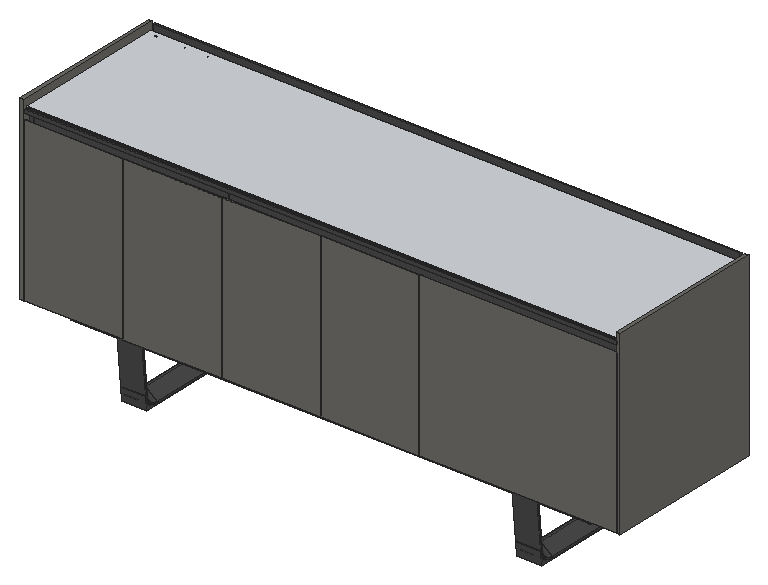
Revit family "Storage-Teknion-CW3Y_C+D_Three_Storage_Credenza_36_Height_Elevated_Base-R2020", category Furniture, Revit 2020
Family settings
  OmniClass Number = 23.40.20.00
  OmniClass Title = General Furniture and Specialties
  Work Plane-Based = No
  Always vertical = Yes
  Cut with Voids When Loaded = No
  Shared = Yes
  Room Calculation Point = No
Parameters (values of type "24D x 90W")
  Width = 90.000"
  Warranty = "http://www.teknion.com/ca/papers/legal-canada"
  Top Finish [instance] = none
  Storage Option [instance] = "Please select one Storage Option. (CCC) All Close Storage is default."  # constant formula
  Right Waste [instance] = or([(ACW) Left A/V, Center Closed Storage, Right Wasted], [(VCW) Left A/V with Upper Drawer, Center Closed Storage, Right Wasted], [(CCW) Left Closed Storage,Center Closed, Right Waste], [(ADW) Left A/V, Center Drawers, Right Waste], [(DDW) Left Drawers, Center Drawers, Right Waste])  # yes
  Right V&A Cut out [instance] = if(or([(WDA) Left Wasted, Center Drawers, Right A/V], [(WCA) Left Waste, Center Closed, Right A/V], [(WCV) Left Waste, Center Closed, Right A/V with Upper Drawer]), 15.000", 8.000")  # 8.000"
  Unit Weight URL = "http://www.teknion.com/ca/tools/assets#&asset=bee6a381-b954-425e-8283-5a2de3a804f2,f828d448-4b62-4231-9e5f-9a8991c0ed77"
  URL = "www.teknion.com"
  To render please download texture images found here [instance] = "https://assets.teknion.com/web/5e81352c1dfdb467/revit-material-swatches/"
  Sustainability Data = "https://www.teknion.com/ca/tools/assets#&topic=216f99a5-57a0-44fc-b10a-9dee9b29ae4c&asset=444deb64-fe58-4b68-981e-f75e97781df7,b4ff2d81-9f2e-437d-9659-7cffb09c31cf"
  Series = "C+D Conference Table"  # constant formula
  Right V&A 2D Lines [instance] = or([(WDA) Left Wasted, Center Drawers, Right A/V], [(WCA) Left Waste, Center Closed, Right A/V], [(WCV) Left Waste, Center Closed, Right A/V with Upper Drawer])  # no
  Right Drawers [instance] = or([(DDD) All Drawers], [(WDD) Left Waste , Center & Right Drawers])  # no
  Right Double Door [instance] = or([(WCV) Left Waste, Center Closed, Right A/V with Upper Drawer], [(WCA) Left Waste, Center Closed, Right A/V], [(WDA) Left Wasted, Center Drawers, Right A/V], [(WCC)  Left Waste , Center & Right Closed Storage], [(CCC) All Close Storage])  # no
  Middle Right Node [instance] = or(Right Drawers, [(WCV) Left Waste, Center Closed, Right A/V with Upper Drawer])  # no
  Middle Left Node [instance] = Center Drawers  # no
  Left Waste [instance] = or([(WDA) Left Wasted, Center Drawers, Right A/V], [(WCV) Left Waste, Center Closed, Right A/V with Upper Drawer], [(WCA) Left Waste, Center Closed, Right A/V], [(WCC)  Left Waste , Center & Right Closed Storage], [(WDD) Left Waste , Center & Right Drawers])  # no
  Left V&A Cut Out [instance] = if(or([(ACW) Left A/V, Center Closed Storage, Right Wasted], [(VCW) Left A/V with Upper Drawer, Center Closed Storage, Right Wasted], [(ADW) Left A/V, Center Drawers, Right Waste]), 15.000", 8.000")  # 8.000"
  Left V&A 2D Lines [instance] = or([(ACW) Left A/V, Center Closed Storage, Right Wasted], [(VCW) Left A/V with Upper Drawer, Center Closed Storage, Right Wasted], [(ADW) Left A/V, Center Drawers, Right Waste])  # no
  Left Drawers [instance] = or([(DDW) Left Drawers, Center Drawers, Right Waste], [(DDD) All Drawers])  # no
  Left Double Door [instance] = or([(ADW) Left A/V, Center Drawers, Right Waste], [(VCW) Left A/V with Upper Drawer, Center Closed Storage, Right Wasted], [(ACW) Left A/V, Center Closed Storage, Right Wasted], [(CCW) Left Closed Storage,Center Closed, Right Waste], [(CCC) All Close Storage])  # yes
  Door L/R Size = 14.750"
  Door C Size = 14.750"
  Description = "C+D Three Storage Credenza, 36\" Height, Elevated Based, 24\" Depth, 90\" Width"
  Center Drawers [instance] = or([(WDA) Left Wasted, Center Drawers, Right A/V], [(WDD) Left Waste , Center & Right Drawers], [(DDW) Left Drawers, Center Drawers, Right Waste], [(ADW) Left A/V, Center Drawers, Right Waste], [(DDD) All Drawers])  # no
  Center Closed Storage [instance] = or([(ACW) Left A/V, Center Closed Storage, Right Wasted], [(VCW) Left A/V with Upper Drawer, Center Closed Storage, Right Wasted], [(WCC)  Left Waste , Center & Right Closed Storage], [(WCA) Left Waste, Center Closed, Right A/V], [(WCV) Left Waste, Center Closed, Right A/V with Upper Drawer], [(CCW) Left Closed Storage,Center Closed, Right Waste], [(CCC) All Close Storage])  # yes
  Case Finish [instance] = Veneer - Teknion - VP - Chia
  24 2D Node = yes
  20 2D Node = no
  (WCV) Left Waste, Center Closed, Right A/V with Upper Drawer [instance] = no
  (WDD) Left Waste , Center & Right Drawers [instance] = no
  (WCA) Left Waste, Center Closed, Right A/V [instance] = no
  (DDW) Left Drawers, Center Drawers, Right Waste [instance] = no
  (CCW) Left Closed Storage,Center Closed, Right Waste [instance] = yes
  Product Page URL = "https://www.teknion.com/ca/products/product-details?productLineId=f681026f-8e7a-673b-a6c8-ff05004460c4"
  Product Line = "C+D Credenzas"  # constant formula
  Product Documentation Link = "https://www.teknion.com/pricing/cd-conference-table/pdfs/Credenzas_ppg.pdf"
  Part Number = "CW3Y"  # constant formula
  Model = "CW3Y_2490"
  Manufacturer Phone = "416-661-3370"  # constant formula
  Manufacturer Fax = "416.661.4586"  # constant formula
  Manufacturer Contact Information = "http://www.teknion.com/ca/contactus"
  Manufacturer Address = "1150 Flint Road, Toronto, ON. M3J 2J5. Canada"  # constant formula
  Manufacturer = "Teknion"  # constant formula
  (WDA) Left Wasted, Center Drawers, Right A/V [instance] = no
  (DDD) All Drawers [instance] = no
  (CCC) All Close Storage [instance] = not(or([(DDD) All Drawers], [(ACW) Left A/V, Center Closed Storage, Right Wasted], [(VCW) Left A/V with Upper Drawer, Center Closed Storage, Right Wasted], [(WDA) Left Wasted, Center Drawers, Right A/V], [(WCC)  Left Waste , Center & Right Closed Storage], [(WDD) Left Waste , Center & Right Drawers], [(WCA) Left Waste, Center Closed, Right A/V], [(WCV) Left Waste, Center Closed, Right A/V with Upper Drawer], [(CCW) Left Closed Storage,Center Closed, Right Waste], [(DDW) Left Drawers, Center Drawers, Right Waste], [(ADW) Left A/V, Center Drawers, Right Waste]))  # no
  (VCW) Left A/V with Upper Drawer, Center Closed Storage, Right Wasted [instance] = no
  How To Use Teknion Materials User Guide [instance] = "https://assets.teknion.com/m/205dd0a49fa58060/original/How-to-add-a-Material-Library-and-Texture-Images-to-your-Revit-project.pdf"
  For Additional Finishes please visit [instance] = "https://assets.teknion.com/m/44a8009b046e5d47/original/Teknion_Materials_Library.zip"
  Depth = 24.000"
  Default Elevation = 0.000"
  Assembly Code = "E2020200"
  (WCC)  Left Waste , Center & Right Closed Storage [instance] = no
  (ADW) Left A/V, Center Drawers, Right Waste [instance] = no
  (ACW) Left A/V, Center Closed Storage, Right Wasted [instance] = no
Reference planes (in)
  plane 1 "Center Front/Back": y = -10
  plane 2: z = 0.00394
  plane 3 "Center Left/Right": x = 30
  plane 4 "Left": x = -15
  plane 5 "Right": x = 75
  plane 6 "Back": y = 2
  plane 7 "Front": y = -22
  plane 8 "Top": z = 37.00787
  plane 9: y = -1.16628
  plane 10: y = -18.83372
  plane 11: x = 0.37927
  plane 12: x = -14.4311
  plane 13: x = 74.4311
  plane 14: x = 59.62073
  plane 15: x = 15.18963
  plane 16: x = 44.81037
  plane 17: y = -19.3643
Forms (in)
  Sweep 1, solid, material "Veneer - Teknion - VP - Chia" <- "Case Finish"
    path origin (0, -10, 0) x (1, 0, 0) y (0, 0, 1)
      loop
        line (30, 37.00787) -> (30, 10.00394)
    profile origin (30, -10, 23.50591) x (0, -1, 0) y (1, 0, 0)
      loop
        line (-12, -45) -> (12, -45) -> (12, -44.46063) -> (-12, -44.46063) -> (-12, -45)
      loop
        line (-12, 45) -> (-12, 44.46063) -> (12, 44.46063) -> (12, 45) -> (-12, 45)
  Sweep 2, solid, material "Veneer - Teknion - VP - Chia" <- "Case Finish"
    path origin (30, 0, 0) x (0, 1, 0) y (0, 0, 1)
      loop
        line (1.21654, 33.95669) -> (1.21654, 10.00394)
    profile origin (30, 1.21654, 21.98031) x (1, 0, 0) y (0, 1, 0)
      loop
        line (-44.46063, 0.72441) -> (-44.46063, 0) -> (44.46063, 0) -> (44.46063, 0.72441) -> (-44.46063, 0.72441)
  Sweep 3, solid, material "Veneer - Teknion - VP - Chia" <- "Case Finish"
    path origin (0, -10, 0) x (1, 0, 0) y (0, 0, 1)
      loop
        line (-14.46063, 11.04331) -> (74.46063, 11.04331)
    profile origin (30, -10, 11.04331) x (0, 0, 1) y (0, -1, 0)
      loop
        line (0, 11.03819) -> (-1.03937, 11.03819) -> (-1.03937, -11.21654) -> (0, -11.21654) -> (0, 11.03819)
  Sweep 4, solid, material "Veneer - Teknion - VP - Chia" <- "Case Finish"
    path origin (0, -10, 0) x (1, 0, 0) y (0, 0, 1)
      loop
        line (30, 11.04331) -> (30, 34.54724)
    profile origin (30, -10, 22.79528) x (-1, 0, 0) y (0, -1, 0)
      loop
        line (44.46063, -11.21654) -> (44.46063, 11.03819) -> (43.73622, 11.03819) -> (43.73622, -11.21654) -> (44.46063, -11.21654)
      loop
        line (15.17257, -11.21654) -> (15.17257, 11.03819) -> (14.44816, 11.03819) -> (14.44816, -11.21654) -> (15.17257, -11.21654)
      loop
        line (-43.73622, 11.03819) -> (-44.46063, 11.03819) -> (-44.46063, -11.21654) -> (-43.73622, -11.21654) -> (-43.73622, 11.03819)
      loop
        line (-14.44816, -11.21654) -> (-14.44816, 11.03819) -> (-15.17257, 11.03819) -> (-15.17257, -11.21654) -> (-14.44816, -11.21654)
  Sweep 5, solid, material "Veneer - Teknion - VP - Chia" <- "Case Finish"
    path origin (0, -10, 0) x (1, 0, 0) y (0, 0, 1)
      loop
        line (74.46063, 35.29528) -> (-14.46063, 35.29528)
    profile origin (30, -10, 35.29528) x (0, 0, -1) y (0, -1, 0)
      loop
        line (0, -11.76378) -> (0.74803, -11.76378) -> (0.74803, 11.03819) -> (0, 11.03819) -> (0, -11.76378)
  Sweep 6, solid, material "Veneer - Teknion - VP - Chia" <- "Case Finish", visible <- "Left Double Door"
    path origin (0, -10, 0) x (1, 0, 0) y (0, 0, 1)
      loop
        line (0.34938, 34.25591) -> (-14.40157, 34.25591)
    profile origin (-7.0261, -10, 34.25591) x (0, 0, -1) y (0, -1, 0)
      loop
        line (0, 11.96063) -> (0, 11.84252) -> (0.6063, 11.23622) -> (24.25197, 11.23622) -> (24.25197, 11.96063) -> (0, 11.96063)
  Sweep 7, solid, material "Veneer - Teknion - VP - Chia" <- "Case Finish", visible <- "Center Closed Storage"
    path origin (14.72047, -10, 0) x (1, 0, 0) y (0, 0, 1)
      loop
        line (15.24939, 34.25591) -> (0.49939, 34.25591)
    profile origin (22.59486, -10, 34.25591) x (0, 0, -1) y (0, -1, 0)
      loop
        line (0, 11.96063) -> (0, 11.84252) -> (0.6063, 11.23622) -> (24.25197, 11.23622) -> (24.25197, 11.96063) -> (0, 11.96063)
  Sweep 8, solid, material "Veneer - Teknion - VP - Chia" <- "Case Finish", visible <- "Center Closed Storage"
    path origin (29.44094, -10, 0) x (1, 0, 0) y (0, 0, 1)
      loop
        line (15.33987, 34.25591) -> (0.58882, 34.25591)
    profile origin (37.40529, -10, 34.25591) x (0, 0, -1) y (0, -1, 0)
      loop
        line (0, 11.96063) -> (0, 11.84252) -> (0.6063, 11.23622) -> (24.25197, 11.23622) -> (24.25197, 11.96063) -> (0, 11.96063)
  Sweep 9, solid, material "Veneer - Teknion - VP - Chia" <- "Case Finish", visible <- "Right Double Door"
    path origin (44.16142, -10, 0) x (1, 0, 0) y (0, 0, 1)
      loop
        line (30.24016, 34.25591) -> (15.48894, 34.25591)
    profile origin (67.02597, -10, 34.25591) x (0, 0, -1) y (0, -1, 0)
      loop
        line (0, 11.96063) -> (0, 11.84252) -> (0.6063, 11.23622) -> (24.25197, 11.23622) -> (24.25197, 11.96063) -> (0, 11.96063)
  Sweep 10, solid, material "Veneer - Teknion - VP - Chia" <- "Case Finish", visible <- "Left Drawers"
    path origin (0, -10, 0) x (1, 0, 0) y (0, 0, 1)
      loop
        line (-14.40157, 19.12992) -> (15.15947, 19.12992)
    profile origin (0.37895, -10, 19.12992) x (0, 0, 1) y (0, -1, 0)
      loop
        line (15.12598, 11.84252) -> (15.12598, 11.96063) -> (3.5, 11.96063) -> (3.5, 11.23622) -> (14.51969, 11.23622) -> (15.12598, 11.84252)
  Sweep 11, solid, material "Veneer - Teknion - VP - Chia" <- "Case Finish", visible <- "Left Drawers"
    path origin (0, -10, 0) x (1, 0, 0) y (0, 0, 1)
      loop
        line (15.15947, 18.12992) -> (-14.40157, 18.12992)
    profile origin (0.37895, -10, 18.12992) x (0, 0, -1) y (0, -1, 0)
      loop
        line (-3.5, 11.96063) -> (-3.5, 11.84252) -> (-2.8937, 11.23622) -> (8.12598, 11.23622) -> (8.12598, 11.96063) -> (-3.5, 11.96063)
  Sweep 12, solid, material "Veneer - Teknion - VP - Chia" <- "Case Finish", visible <- "Right Drawers"
    path origin (29.44094, -10, 0) x (1, 0, 0) y (0, 0, 1)
      loop
        line (15.39927, 19.12992) -> (44.96063, 19.12992)
    profile origin (59.62089, -10, 19.12992) x (0, 0, 1) y (0, -1, 0)
      loop
        line (15.12598, 11.84252) -> (15.12598, 11.96063) -> (3.5, 11.96063) -> (3.5, 11.23622) -> (14.51969, 11.23622) -> (15.12598, 11.84252)
  Sweep 13, solid, material "Veneer - Teknion - VP - Chia" <- "Case Finish", visible <- "Right Drawers"
    path origin (29.44094, -10, 0) x (1, 0, 0) y (0, 0, 1)
      loop
        line (44.96063, 18.12992) -> (15.39927, 18.12992)
    profile origin (59.62089, -10, 18.12992) x (0, 0, -1) y (0, -1, 0)
      loop
        line (-3.5, 11.96063) -> (-3.5, 11.84252) -> (-2.8937, 11.23622) -> (8.12598, 11.23622) -> (8.12598, 11.96063) -> (-3.5, 11.96063)
  Sweep 14, solid, material "Paint - Teknion - 52 - Ebony"
    path origin (0, 0, 0.00394) x (1, 0, 0) y (0, 1, 0)
      loop
        line (74.46063, -20.29016) -> (-14.46063, -20.29016)
    profile origin (30, -20.29016, 0.00394) x (0, -1, 0) y (0, 0, 1)
      loop
        line (1.67055, 35.78346) -> (1.27685, 35.78346) -> (1.27685, 35.33071) -> (0.74803, 35.33071) -> (0.74803, 34.54331) -> (0, 34.54331) -> (0, 33.32283) -> (0.82803, 33.32283) -> (0.82803, 35.25071) -> (1.67055, 35.25071) -> (1.67055, 35.78346)
  Sweep 15, solid, material "Paint - Teknion - 52 - Ebony"
    path origin (0, 0, 0.00394) x (1, 0, 0) y (0, 1, 0)
      loop
        line (-13.96063, 0.76378) -> (73.96063, 0.76378)
    profile origin (30, 0.76378, 0.00394) x (0, 1, 0) y (0, 0, 1)
      loop
        line (1.23622, 37.00394) -> (1, 37.00394) -> (1, 35.58324)
        arc (1, 35.58324) -> (1, 35.52756) -> (0.94432, 35.52756) r 0.03937
        line (0.94432, 35.52756) -> (0, 35.52756) -> (0, 35.29134) -> (0.94432, 35.29134)
        arc (0.94432, 35.29134) -> (1, 35.29134) -> (1, 35.23566) r 0.03937
        line (1, 35.23566) -> (1, 34.54331) -> (1.23622, 34.54331) -> (1.23622, 37.00394)
  Sweep 16, solid, material "Paint - Teknion - 52 - Ebony"
    path origin (0, 0, 0.00394) x (1, 0, 0) y (0, 1, 0)
      loop
        line (-7.98425, -1.01575) -> (-7.98425, -18.98425) -> (67.98425, -18.98425) -> (67.98425, -1.01575) -> (-7.98425, -1.01575)
    profile origin (-7.98425, -10, 0.00394) x (1, 0, 0) y (0, 0, 1)
      loop
        line (-0.431, 8.52) -> (-0.431, 9.9) -> (-0.09, 9.9) -> (-0.09, 9.6675) -> (0, 9.6675) -> (0, 9.98)
        arc (0, 9.98) -> (-0.00586, 9.99414) -> (-0.02, 10) r 0.02
        line (-0.02, 10) -> (-0.99575, 10)
        arc (-0.99575, 10) -> (-1.00989, 9.99414) -> (-1.01575, 9.98) r 0.02
        line (-1.01575, 9.98) -> (-1.01575, 8.44)
        arc (-1.01575, 8.44) -> (-1.00989, 8.42586) -> (-0.99575, 8.42) r 0.02
        line (-0.99575, 8.42) -> (-0.02, 8.42)
        arc (-0.02, 8.42) -> (-0.00586, 8.42586) -> (0, 8.44) r 0.02
        line (0, 8.44) -> (0, 8.7525) -> (-0.09, 8.7525) -> (-0.09, 8.52) -> (-0.431, 8.52)
  Sweep 17, solid, material "Paint - Teknion - 52 - Ebony"
    path origin (0, -10, 0) x (1, 0, 0) y (0, 0, 1)
      loop
        line (-1.5069, 0.12894) -> (2.26543, 0.12894)
    profile origin (0.37927, -10, 0.12894) x (0, 0, 1) y (0, -1, 0)
      loop
        arc (0.10359, 7.89493) -> (0.65668, 9.37616) -> (2.06899, 10.08704) r 2.16637
        line (2.06899, 10.08704) -> (0, 9.89454) -> (0, -9.89454) -> (2.06899, -10.08704)
        arc (2.06899, -10.08704) -> (0.65668, -9.37616) -> (0.10359, -7.89493) r 2.16637
        line (0.10359, -7.89493) -> (0.12003, -6.73851) -> (0.12003, 6.73851) -> (0.10359, 7.89493)
  Sweep 18, solid, material "Paint - Teknion - 52 - Ebony"
    path origin (0, -10, 0) x (1, 0, 0) y (0, 0, 1)
      loop
        line (57.73457, 0.12894) -> (61.5069, 0.12894)
    profile origin (59.62073, -10, 0.12894) x (0, 0, 1) y (0, -1, 0)
      loop
        arc (0.10359, 7.89493) -> (0.65668, 9.37616) -> (2.06899, 10.08704) r 2.16637
        line (2.06899, 10.08704) -> (0, 9.89454) -> (0, -9.89454) -> (2.06899, -10.08704)
        arc (2.06899, -10.08704) -> (0.65668, -9.37616) -> (0.10359, -7.89493) r 2.16637
        line (0.10359, -7.89493) -> (0.12003, -6.73851) -> (0.12003, 6.73851) -> (0.10359, 7.89493)
  Sweep 19, solid, material "Veneer - Teknion - VP - Chia" <- "Case Finish", visible <- "Left Waste"
    path origin (0, -10, 0) x (1, 0, 0) y (0, 0, 1)
      loop
        line (15.15947, 34.25591) -> (-14.40157, 34.25591)
    profile origin (0.37895, -10, 34.25591) x (0, 0, -1) y (0, -1, 0)
      loop
        line (0, 11.84252) -> (0.6063, 11.23622) -> (24.25197, 11.23622) -> (24.25197, 11.96063) -> (0, 11.96063) -> (0, 11.84252)
  Sweep 20, solid, material "Veneer - Teknion - VP - Chia" <- "Case Finish", visible <- "Right Waste"
    path origin (29.44094, -10, 0) x (1, 0, 0) y (0, 0, 1)
      loop
        line (44.96063, 34.25591) -> (15.39927, 34.25591)
    profile origin (59.62089, -10, 34.25591) x (0, 0, -1) y (0, -1, 0)
      loop
        line (0, 11.84252) -> (0.6063, 11.23622) -> (24.25197, 11.23622) -> (24.25197, 11.96063) -> (0, 11.96063) -> (0, 11.84252)
  Sweep 21, solid, material <- "Top Finish"
    path origin (0, -10, 0) x (1, 0, 0) y (0, 0, 1)
      loop
        line (-14.46063, 36.00394) -> (74.46063, 36.00394)
    profile origin (30, -10, 36.00394) x (0, 0, 1) y (0, -1, 0)
      loop
        arc (0, 11.66535) -> (-0.0173, 11.70711) -> (-0.05906, 11.72441) r 0.05906
        line (-0.05906, 11.72441) -> (-0.21654, 11.72441) -> (-0.21654, 11.48819) -> (-0.47244, 11.48819) -> (-0.47244, -11.76378) -> (0, -11.76378) -> (0, 11.66535)
  Revolve 22, solid, material "Paint - Teknion - 52 - Ebony"
    sketch origin (0.37927, -180, 10) x (0, 0, -1) y (0, -1, 0)
      loop
        line (9.87106, -161.16628) -> (9.87106, -161.96418) -> (9.91606, -161.96418) -> (9.99606, -161.87181) -> (9.99606, -161.16628) -> (9.87106, -161.16628)
      axis (9.87106, -161.16628) -> (9.99606, -161.16628)
    angle from 0 to 360
  Revolve 23, solid, material "Paint - Teknion - 52 - Ebony"
    sketch origin (0.37927, -180, 10) x (0, 0, -1) y (0, -1, 0)
      loop
        line (9.87106, -178.83372) -> (9.87106, -179.63161) -> (9.91606, -179.63161) -> (9.99606, -179.53924) -> (9.99606, -178.83372) -> (9.87106, -178.83372)
      axis (9.87106, -178.83372) -> (9.99606, -178.83372)
    angle from 0 to 360
  Revolve 24, solid, material "Paint - Teknion - 52 - Ebony"
    sketch origin (59.62073, -180, 10) x (0, 0, 1) y (0, -1, 0)
      loop
        line (-9.87106, -178.83372) -> (-9.99606, -178.83372) -> (-9.99606, -179.53924) -> (-9.91606, -179.63161) -> (-9.87106, -179.63161) -> (-9.87106, -178.83372)
      axis (-9.87106, -178.83372) -> (-9.99606, -178.83372)
    angle from 0 to 360
  Revolve 25, solid, material "Paint - Teknion - 52 - Ebony"
    sketch origin (59.62073, -180, 10) x (0, 0, 1) y (0, -1, 0)
      loop
        line (-9.87106, -161.16628) -> (-9.99606, -161.16628) -> (-9.99606, -161.87181) -> (-9.91606, -161.96418) -> (-9.87106, -161.96418) -> (-9.87106, -161.16628)
      axis (-9.87106, -161.16628) -> (-9.99606, -161.16628)
    angle from 0 to 360
  Sweep 26, solid, material "Paint - Teknion - 52 - Ebony"
    path origin (0.37927, -180, 10) x (0, 0, -1) y (0, -1, 0)
      loop
        line (0.0548, -159.19215) -> (7.80208, -159.91296)
        arc (7.80208, -159.91296) -> (9.21438, -160.62384) -> (9.76747, -162.10507) r 2.16637
        line (9.76747, -162.10507) -> (9.76747, -177.89493)
        arc (9.76747, -177.89493) -> (9.21438, -179.37616) -> (7.80208, -180.08704) r 2.16637
        line (7.80208, -180.08704) -> (0.0548, -180.80785)
    profile origin (0.37927, -10, 0.23253) x (0, 0, -1) y (-1, 0, 0)
      loop
        line (0, 1.88702) -> (-0.21873, 1.87938)
        arc (-0.21873, 1.87938) -> (-0.24317, 1.87323) -> (-0.26293, 1.85759) r 0.06
        line (-0.26293, 1.85759) -> (-1.69143, 0.12524)
        arc (-1.69143, 0.12524) -> (-1.7364, 0) -> (-1.69143, -0.12524) r 0.19685
        line (-1.69143, -0.12524) -> (-0.26293, -1.85759)
        arc (-0.26293, -1.85759) -> (-0.24317, -1.87323) -> (-0.21873, -1.87938) r 0.06
        line (-0.21873, -1.87938) -> (0, -1.88702) -> (0, 1.88702)
  Sweep 27, solid, material "Paint - Teknion - 52 - Ebony"
    path origin (59.62073, -180, 10) x (0, 0, 1) y (0, -1, 0)
      loop
        line (-0.0548, -159.19215) -> (-7.80208, -159.91296)
        arc (-7.80208, -159.91296) -> (-9.21438, -160.62384) -> (-9.76747, -162.10507) r 2.16637
        line (-9.76747, -162.10507) -> (-9.76747, -177.89493)
        arc (-9.76747, -177.89493) -> (-9.21438, -179.37616) -> (-7.80208, -180.08704) r 2.16637
        line (-7.80208, -180.08704) -> (-0.0548, -180.80785)
    profile origin (59.62073, -10, 0.23253) x (0, 0, 1) y (1, 0, 0)
      loop
        line (0.26293, -1.85759) -> (1.69142, -0.12524)
        arc (1.69142, -0.12524) -> (1.7364, 0) -> (1.69142, 0.12524) r 0.19685
        line (1.69142, 0.12524) -> (0.26293, 1.85759)
        arc (0.26293, 1.85759) -> (0.24317, 1.87323) -> (0.21873, 1.87938) r 0.06
        line (0.21873, 1.87938) -> (0, 1.88702) -> (0, -1.88702) -> (0.21873, -1.87938)
        arc (0.21873, -1.87938) -> (0.24317, -1.87323) -> (0.26293, -1.85759) r 0.06
  Sweep 28, solid, material "Paint - Teknion - 52 - Ebony", visible <- "Left Drawers"
    path origin (0, -10, 0) x (1, 0, 0) y (0, 0, 1)
      loop
        line (0.37927, 22.70866) -> (0.37927, 20.74016)
    profile origin (0.37927, -10, 21.72441) x (0, -1, 0) y (1, 0, 0)
      loop
        line (11.03819, -14.11549) -> (11.03819, -14.8399) -> (11.11319, -14.8399) -> (11.11319, 14.81037) -> (11.03819, 14.81037) -> (11.03819, 14.44816) -> (10.29016, 14.44816) -> (10.29016, -14.11549) -> (11.03819, -14.11549)
  Sweep 29, solid, material "Paint - Teknion - 52 - Ebony", visible <- "Right Drawers"
    path origin (29.46063, -10, 0) x (1, 0, 0) y (0, 0, 1)
      loop
        line (30.1601, 22.70866) -> (30.1601, 20.74016)
    profile origin (59.62073, -10, 21.72441) x (0, -1, 0) y (1, 0, 0)
      loop
        line (11.03819, -14.44816) -> (11.03819, -14.81037) -> (11.11319, -14.81037) -> (11.11319, 14.8399) -> (11.03819, 14.8399) -> (11.03819, 14.11549) -> (10.29016, 14.11549) -> (10.29016, -14.44816) -> (11.03819, -14.44816)
  Sweep 30, void
    path origin (74, -2.36839, 48) x (0, 1, 0) y (0, 0, 1)
      loop
        line (0.36839, -29.51969) -> (-7.63161, -29.51969)
    profile origin (74, -6, 18.48031) x (0, 0, -1) y (1, 0, 0)
      loop
        arc (-8.5, -19.35105) -> (-8.42678, -19.52783) -> (-8.25, -19.60105) r 0.25
        line (-8.25, -19.60105) -> (1.25, -19.60105)
        arc (1.25, -19.60105) -> (1.42678, -19.52783) -> (1.5, -19.35105) r 0.25
        line (1.5, -19.35105) -> (1.5, -9.85105)
        arc (1.5, -9.85105) -> (1.42678, -9.67427) -> (1.25, -9.60105) r 0.25
        line (1.25, -9.60105) -> (-8.25, -9.60105)
        arc (-8.25, -9.60105) -> (-8.42678, -9.67427) -> (-8.5, -9.85105) r 0.25
        line (-8.5, -9.85105) -> (-8.5, -19.35105)
  Sweep 31, void
    path origin (74, -2.36839, 48) x (0, 1, 0) y (0, 0, 1)
      loop
        line (-7.63161, -22.51969) -> (0.36839, -22.51969)
    profile origin (74, -6, 25.48031) x (0, 0, 1) y (1, 0, 0)
      loop
        line (1.5, -78.14895) -> (1.5, -68.64895)
        arc (1.5, -68.64895) -> (1.42678, -68.47217) -> (1.25, -68.39895) r 0.25
        line (1.25, -68.39895) -> (-8.25, -68.39895)
        arc (-8.25, -68.39895) -> (-8.42678, -68.47217) -> (-8.5, -68.64895) r 0.25
        line (-8.5, -68.64895) -> (-8.5, -78.14895)
        arc (-8.5, -78.14895) -> (-8.42678, -78.32573) -> (-8.25, -78.39895) r 0.25
        line (-8.25, -78.39895) -> (1.25, -78.39895)
        arc (1.25, -78.39895) -> (1.42678, -78.32573) -> (1.5, -78.14895) r 0.25
  Sweep 32, solid, material "Veneer - Teknion - VP - Chia" <- "Case Finish", visible <- "Left Double Door"
    path origin (17.81009, -10, 0) x (1, 0, 0) y (0, 0, 1)
      loop
        line (-2.65062, 34.25591) -> (-17.40062, 34.25591)
    profile origin (7.78447, -10, 34.25591) x (0, 0, -1) y (0, -1, 0)
      loop
        line (0, 11.96063) -> (0, 11.84252) -> (0.6063, 11.23622) -> (24.25197, 11.23622) -> (24.25197, 11.96063) -> (0, 11.96063)
  Sweep 33, solid, material "Veneer - Teknion - VP - Chia" <- "Case Finish", visible <- "Right Double Door"
    path origin (26.35127, -10, 0) x (1, 0, 0) y (0, 0, 1)
      loop
        line (33.23982, 34.25591) -> (18.48894, 34.25591)
    profile origin (52.21565, -10, 34.25591) x (0, 0, -1) y (0, -1, 0)
      loop
        line (0, 11.96063) -> (0, 11.84252) -> (0.6063, 11.23622) -> (24.25197, 11.23622) -> (24.25197, 11.96063) -> (0, 11.96063)
  Sweep 34, solid, material "Paint - Teknion - 52 - Ebony", visible <- "Center Drawers"
    path origin (35.62073, -10, 0) x (1, 0, 0) y (0, 0, 1)
      loop
        line (-5.62073, 22.70866) -> (-5.62073, 20.74016)
    profile origin (30, -10, 21.72441) x (0, -1, 0) y (1, 0, 0)
      loop
        line (11.03819, -14.44816) -> (11.03819, -14.81037) -> (11.11319, -14.81037) -> (11.11319, 14.81037) -> (11.03819, 14.81037) -> (11.03819, 14.44816) -> (10.29016, 14.44816) -> (10.29016, -14.44816) -> (11.03819, -14.44816)
  Sweep 35, solid, material "Veneer - Teknion - VP - Chia" <- "Case Finish", visible <- "Center Drawers"
    path origin (-6.17979, -10, 0) x (1, 0, 0) y (0, 0, 1)
      loop
        line (21.39965, 26.13386) -> (50.9606, 26.13386)
    profile origin (30.00034, -10, 26.13386) x (0, 0, 1) y (0, -1, 0)
      loop
        line (8.12205, 11.84252) -> (8.12205, 11.96063) -> (-3.50394, 11.96063) -> (-3.50394, 11.23622) -> (7.51575, 11.23622) -> (8.12205, 11.84252)
  Sweep 36, solid, material "Veneer - Teknion - VP - Chia" <- "Case Finish", visible <- "Center Drawers"
    path origin (-6.17979, -10, 0) x (1, 0, 0) y (0, 0, 1)
      loop
        line (50.9606, 25.13386) -> (21.39965, 25.13386)
    profile origin (30.00034, -10, 25.13386) x (0, 0, -1) y (0, -1, 0)
      loop
        line (3.50394, 11.96063) -> (3.50394, 11.84252) -> (4.11024, 11.23622) -> (15.13386, 11.23622) -> (15.13386, 11.96063) -> (3.50394, 11.96063)
Cuts and joins
  Sweep 30, Sweep 31 cuts Sweep 2
Lines and regions (in)
  Masking region 1
    outline origin (0, 0, 0.00394) x (1, 0, 0) y (0, 1, 0)
      loop
        line (-15, 2) -> (-15, -22) -> (-14.46063, -22) -> (-14.46063, -21.96071) -> (74.46063, -21.96071) -> (74.46063, -22) -> (75, -22) -> (75, 2) -> (74.46063, 2) -> (74.46063, 1.94094) -> (73.96063, 1.94094) -> (73.96063, 2) -> (-13.96063, 2) -> (-13.96063, 1.94094) -> (-14.46063, 1.94094) -> (-14.46063, 2) -> (-15, 2)
  symbolic lines
    curve 1: line (-14.46063, -22, 0.00394) -> (-14.46063, 2, 0.00394)
    curve 2: line (-14.46063, -21.72441, 0.00394) -> (74.46063, -21.72441, 0.00394)
    curve 3: line (74.46063, 2, 0.00394) -> (74.46063, -22, 0.00394)
    curve 4: line (74.46063, 1.76378, 0.00394) -> (-14.46063, 1.76378, 0.00394)
    curve 5: line (73.96063, 2, 0.00394) -> (73.96063, 1.76378, 0.00394)
    curve 6: line (-13.96063, 2, 0.00394) -> (-13.96063, 1.76378, 0.00394)
  symbolic lines, style "FurnitureHiddenLines", detail levels medium+fine
    curve 7: line (74.46063, 1.94094, 0.00394) -> (-14.46063, 1.94094, 0.00394)
    curve 8: line (-13.96063, 0.76378, 0.00394) -> (73.96063, 0.76378, 0.00394)
    curve 9: line (74.46063, 1.21654, 0.00394) -> (-14.46063, 1.21654, 0.00394)
    curve 10: line (-13.73622, -21.03819, 0.00394) -> (-13.73622, 1.21654, 0.00394)
    curve 11: line (-13.96063, 0.76378, 0.00394) -> (-13.96063, 2, 0.00394)
    curve 12: line (73.96063, 1.7081, 0.00394) -> (-13.96063, 1.7081, 0.00394)
    curve 13: line (73.73622, 1.21654, 0.00394) -> (73.73622, -21.03819, 0.00394)
    curve 14: line (74.46063, -21.03819, 0.00394) -> (-14.46063, -21.03819, 0.00394)
    curve 15: line (14.82743, 1.21654, 0.00394) -> (14.82743, -21.03819, 0.00394)
    curve 16: line (15.55184, -21.03819, 0.00394) -> (15.55184, 1.21654, 0.00394)
    curve 17: line (74.46063, -20.29016, 0.00394) -> (-14.46063, -20.29016, 0.00394)
    curve 18: line (-14.46063, -21.11819, 0.00394) -> (74.46063, -21.11819, 0.00394)
    curve 19: line (74.46063, -21.56701, 0.00394) -> (-14.46063, -21.56701, 0.00394)
    curve 20: line (-14.46063, -21.48819, 0.00394) -> (74.46063, -21.48819, 0.00394)
    curve 105: line (44.44816, 1.21654, 0.00394) -> (44.44816, -21.03819, 0.00394)
    curve 106: line (45.17257, -21.03819, 0.00394) -> (45.17257, 1.21654, 0.00394)
    curve 107: line (45.17257, 1.21654, 0.00394) -> (44.44816, 1.21654, 0.00394)
    curve 108: line (44.44816, -21.03819, 0.00394) -> (45.17257, -21.03819, 0.00394)
  symbolic lines, style "FurnitureHiddenLines", detail levels fine
    curve 21: line (-8.41525, -19.41525, 0.00394) -> (-8.41525, -0.58475, 0.00394)
    curve 22: line (-8.41525, -0.58475, 0.00394) -> (68.41525, -0.58475, 0.00394)
    curve 23: line (68.41525, -19.41525, 0.00394) -> (-8.41525, -19.41525, 0.00394)
    curve 24: line (68.41525, -0.58475, 0.00394) -> (68.41525, -19.41525, 0.00394)
    curve 25: line (68.07425, -19.07425, 0.00394) -> (68.07425, -0.92575, 0.00394)
    curve 26: line (67.98425, -1.01575, 0.00394) -> (67.98425, -18.98425, 0.00394)
    curve 27: line (-8.07425, -19.07425, 0.00394) -> (68.07425, -19.07425, 0.00394)
    curve 28: line (67.98425, -18.98425, 0.00394) -> (-7.98425, -18.98425, 0.00394)
    curve 29: line (-8.07425, -0.92575, 0.00394) -> (-8.07425, -19.07425, 0.00394)
    curve 30: line (-7.98425, -18.98425, 0.00394) -> (-7.98425, -1.01575, 0.00394)
    curve 31: line (68.07425, -0.92575, 0.00394) -> (-8.07425, -0.92575, 0.00394)
    curve 32: line (-7.98425, -1.01575, 0.00394) -> (67.98425, -1.01575, 0.00394)
    curve 33: line (-9.00055, 0, 0.00394) -> (-9.00027, -20, 0.00394)
    curve 34: line (-9.00027, -20, 0.00394) -> (69.00027, -20, 0.00394)
    curve 35: line (69.00027, -20, 0.00394) -> (69.00027, 0, 0.00394)
    curve 36: line (69.00027, 0, 0.00394) -> (-9.00055, 0, 0.00394)
    curve 37: line (2.26543, 0.80785, 0.00394) -> (-1.5069, 0.80785, 0.00394)
    curve 38: line (2.26543, 0.80785, 0.00394) -> (2.26543, -8.12532, 0.00394)
    curve 39: line (-1.5069, 0.80785, 0.00394) -> (-1.5069, -8.06376, 0.00394)
    curve 40: line (-1.5069, -20.80785, 0.00394) -> (2.26543, -20.80785, 0.00394)
    curve 41: line (-1.5069, -8.06376, 0.00394) -> (-1.5069, -20.80785, 0.00394)
    curve 42: line (2.26543, -8.12532, 0.00394) -> (2.26543, -20.80785, 0.00394)
    curve 43: arc (0.37927, -1.96418, 0.00394) -> (1.17716, -1.16628, 0.00394) -> (0.37927, -0.36839, 0.00394) r 0.7979
    curve 44: arc (0.37927, -0.36839, 0.00394) -> (1.17716, -1.16628, 0.00394) -> (0.37927, -1.96418, 0.00394) r 0.7979
    curve 45: arc (0.37927, -1.96418, 0.00394) -> (-0.41863, -1.16628, 0.00394) -> (0.37927, -0.36839, 0.00394) r 0.7979
    curve 46: arc (0.37927, -0.36839, 0.00394) -> (-0.41863, -1.16628, 0.00394) -> (0.37927, -1.96418, 0.00394) r 0.7979
    curve 47: arc (0.37927, -19.63161, 0.00394) -> (1.17716, -18.83372, 0.00394) -> (0.37927, -18.03582, 0.00394) r 0.7979
    curve 48: arc (0.37927, -18.03582, 0.00394) -> (1.17716, -18.83372, 0.00394) -> (0.37927, -19.63161, 0.00394) r 0.7979
    curve 49: arc (0.37927, -19.63161, 0.00394) -> (-0.41863, -18.83372, 0.00394) -> (0.37927, -18.03582, 0.00394) r 0.7979
    curve 50: arc (0.37927, -18.03582, 0.00394) -> (-0.41863, -18.83372, 0.00394) -> (0.37927, -19.63161, 0.00394) r 0.7979
    curve 51: arc (59.62073, -1.96418, 0.00394) -> (60.41863, -1.16628, 0.00394) -> (59.62073, -0.36839, 0.00394) r 0.7979
    curve 52: arc (59.62073, -0.46076, 0.00394) -> (60.32626, -1.16628, 0.00394) -> (59.62073, -1.87181, 0.00394) r 0.70552
    curve 53: arc (59.62073, -1.87181, 0.00394) -> (58.91521, -1.16628, 0.00394) -> (59.62073, -0.46076, 0.00394) r 0.70552
    curve 54: arc (59.62073, -0.36839, 0.00394) -> (58.82284, -1.16628, 0.00394) -> (59.62073, -1.96418, 0.00394) r 0.7979
    curve 55: arc (59.62073, -19.63161, 0.00394) -> (60.41863, -18.83372, 0.00394) -> (59.62073, -18.03582, 0.00394) r 0.7979
    curve 56: arc (59.62073, -18.12819, 0.00394) -> (60.32626, -18.83372, 0.00394) -> (59.62073, -19.53924, 0.00394) r 0.70552
    curve 57: arc (59.62073, -18.03582, 0.00394) -> (58.82284, -18.83372, 0.00394) -> (59.62073, -19.63161, 0.00394) r 0.7979
    curve 58: arc (59.62073, -19.53924, 0.00394) -> (58.91521, -18.83372, 0.00394) -> (59.62073, -18.12819, 0.00394) r 0.70552
    curve 59: line (57.73371, -20.80785, 0.00394) -> (61.50776, -20.80785, 0.00394)
    curve 60: line (57.73371, -11.98365, 0.00394) -> (57.73371, -20.80785, 0.00394)
    curve 61: line (61.50776, -8.22228, 0.00394) -> (61.50776, -20.80785, 0.00394)
    curve 62: line (61.50776, 0.80785, 0.00394) -> (57.73371, 0.80785, 0.00394)
    curve 63: line (57.73371, 0.80785, 0.00394) -> (57.73371, -11.98365, 0.00394)
    curve 64: line (61.50776, 0.80785, 0.00394) -> (61.50776, -8.22228, 0.00394)
    curve 65: line (-1.5069, -2.10507, 0.00394) -> (2.26543, -2.10507, 0.00394)
    curve 66: line (2.26543, -3.26149, 0.00394) -> (-1.5069, -3.26149, 0.00394)
    curve 67: line (2.26543, -16.73851, 0.00394) -> (-1.5069, -16.73851, 0.00394)
    curve 68: line (-1.5069, -17.89493, 0.00394) -> (2.26543, -17.89493, 0.00394)
    curve 69: line (57.73371, -2.10507, 0.00394) -> (61.50776, -2.10507, 0.00394)
    curve 70: line (61.50776, -3.26149, 0.00394) -> (57.73371, -3.26149, 0.00394)
    curve 71: line (61.50776, -16.73851, 0.00394) -> (57.73371, -16.73851, 0.00394)
    curve 72: line (57.73371, -17.89493, 0.00394) -> (61.50776, -17.89493, 0.00394)
  symbolic lines, style "FurnitureHiddenLines", visible <- "Left Waste", detail levels medium+fine
    curve 73: line (-14.40157, -21.23622, 0.00394) -> (-14.40157, -21.96063, 0.00394)
    curve 83: line (15.15947, -21.23622, 0.00394) -> (15.15947, -21.96063, 0.00394)
    curve 84: line (15.15947, -21.23622, 0.00394) -> (-14.40157, -21.23622, 0.00394)
  symbolic lines, style "FurnitureHiddenLines", visible <- "Left Double Door", detail levels medium+fine
    curve 74: line (0.34938, -21.23622, 0.00394) -> (0.34938, -21.96063, 0.00394)
    curve 75: line (0.34938, -21.23622, 0.00394) -> (-14.40157, -21.23622, 0.00394)
    curve 76: line (15.21986, -21.23622, 0.00394) -> (15.21986, -21.96063, 0.00394)
    curve 85: line (-14.40157, -21.23622, 0.00394) -> (-14.40157, -21.96063, 0.00394)
    curve 109: line (0.40947, -21.23622, 0.00394) -> (15.15947, -21.23622, 0.00394)
    curve 110: line (0.40947, -21.96063, 0.00394) -> (0.40947, -21.23622, 0.00394)
    curve 111: line (15.15947, -21.96063, 0.00394) -> (0.40947, -21.96063, 0.00394)
    curve 112: line (15.15947, -21.23622, 0.00394) -> (15.15947, -21.96063, 0.00394)
  symbolic lines, style "FurnitureHiddenLines", visible <- "Right Double Door", detail levels medium+fine
    curve 77: line (44.78081, -21.23622, 0.00394) -> (44.78081, -21.96063, 0.00394)
    curve 78: line (44.84021, -21.23622, 0.00394) -> (44.84021, -21.96063, 0.00394)
    curve 79: line (74.40157, -21.23622, 0.00394) -> (59.65036, -21.23622, 0.00394)
    curve 80: line (59.65036, -21.23622, 0.00394) -> (59.65036, -21.96063, 0.00394)
    curve 81: line (74.40157, -21.23622, 0.00394) -> (74.40157, -21.96063, 0.00394)
    curve 121: line (59.59109, -21.23622, 0.00394) -> (44.84021, -21.23622, 0.00394)
    curve 122: line (44.84021, -21.96063, 0.00394) -> (59.59109, -21.96063, 0.00394)
    curve 123: line (59.59109, -21.23622, 0.00394) -> (59.59109, -21.96063, 0.00394)
  symbolic lines, style "FurnitureHiddenLines", visible <- "Left Drawers", detail levels medium+fine
    curve 82: line (15.15947, -21.23622, 0.00394) -> (15.15947, -21.96063, 0.00394)
    curve 89: line (-14.40157, -21.96063, 0.00394) -> (-14.40157, -21.23622, 0.00394)
    curve 90: line (15.15947, -21.23622, 0.00394) -> (-14.40157, -21.23622, 0.00394)
  symbolic lines, style "FurnitureHiddenLines", visible <- "Right Drawers", detail levels medium+fine
    curve 86: line (44.84021, -21.23622, 0.00394) -> (44.84021, -21.96063, 0.00394)
    curve 87: line (74.40157, -21.23622, 0.00394) -> (44.84021, -21.23622, 0.00394)
    curve 88: line (74.40157, -21.23622, 0.00394) -> (74.40157, -21.96063, 0.00394)
  symbolic lines, style "FurnitureHiddenLines", visible <- "Right Waste", detail levels medium+fine
    curve 91: line (74.40157, -21.96063, 0.00394) -> (74.40157, -21.23622, 0.00394)
    curve 92: line (74.40157, -21.23622, 0.00394) -> (44.84021, -21.23622, 0.00394)
    curve 128: line (44.84021, -21.23622, 0.00394) -> (44.84021, -21.96063, 0.00394)
  reference lines
    curve 93: line (-15, 2, 0.00394) -> (75, 2, 0.00394)
    curve 94: line (-15, 4, 0.00394) -> (-15, -24, 0.00394)
    curve 95: line (-15, -22, 0.00394) -> (75, -22, 0.00394)
    curve 96: line (75, 4, 0.00394) -> (75, -24, 0.00394)
  symbolic lines, style "FurnitureHiddenLines", visible <- "Left V&A 2D Lines", detail levels medium+fine
    curve 97: line (-4.39895, 1.94094, 0.00394) -> (5.60105, 1.94094, 0.00394)
    curve 98: line (-4.39895, 1.21654, 0.00394) -> (-4.39895, 1.94094, 0.00394)
    curve 99: line (5.60105, 1.21654, 0.00394) -> (-4.39895, 1.21654, 0.00394)
    curve 100: line (5.60105, 1.94094, 0.00394) -> (5.60105, 1.21654, 0.00394)
  symbolic lines, style "FurnitureHiddenLines", visible <- "Right V&A 2D Lines", detail levels medium+fine
    curve 101: line (54.39895, 1.94094, 0.00394) -> (64.39895, 1.94094, 0.00394)
    curve 102: line (54.39895, 1.21654, 0.00394) -> (54.39895, 1.94094, 0.00394)
    curve 103: line (64.39895, 1.21654, 0.00394) -> (54.39895, 1.21654, 0.00394)
    curve 104: line (64.39895, 1.94094, 0.00394) -> (64.39895, 1.21654, 0.00394)
  symbolic lines, style "FurnitureHiddenLines", visible <- "Center Closed Storage", detail levels medium+fine
    curve 113: line (15.21986, -21.23622, 0.00394) -> (29.96986, -21.23622, 0.00394)
    curve 114: line (15.21986, -21.96063, 0.00394) -> (15.21986, -21.23622, 0.00394)
    curve 115: line (29.96986, -21.96063, 0.00394) -> (15.21986, -21.96063, 0.00394)
    curve 116: line (29.96986, -21.23622, 0.00394) -> (29.96986, -21.96063, 0.00394)
    curve 117: line (30.02977, -21.96063, 0.00394) -> (44.78081, -21.96063, 0.00394)
    curve 118: line (30.02977, -21.23622, 0.00394) -> (30.02977, -21.96063, 0.00394)
    curve 119: line (44.78081, -21.23622, 0.00394) -> (30.02977, -21.23622, 0.00394)
    curve 120: line (44.78081, -21.96063, 0.00394) -> (44.78081, -21.23622, 0.00394)
  symbolic lines, style "FurnitureHiddenLines", visible <- "Center Drawers", detail levels medium+fine
    curve 124: line (15.21986, -21.23622, 0.00394) -> (44.78081, -21.23622, 0.00394)
    curve 125: line (15.21986, -21.96063, 0.00394) -> (15.21986, -21.23622, 0.00394)
    curve 126: line (44.78081, -21.96063, 0.00394) -> (15.21986, -21.96063, 0.00394)
    curve 127: line (44.78081, -21.23622, 0.00394) -> (44.78081, -21.96063, 0.00394)
Dimensions and locks (in)
  "Width": plane 4 "Left" to plane 5 "Right"
  "Depth": plane 6 "Back" to plane 7 "Front"
  plane 8 "Top" to level = 37.00394"
  locked: Sweep 1 sketch curve to Sweep 1 sketch curve at 0.53937  (x2)
  Sweep 2 sketch curve to plane 6 "Back" = 0.78346"
  plane 6 "Back" to Sweep 2 sketch curve to Sweep 2 sketch curve = 0.05906" locked, 0.72441" locked
  locked: Sweep 3 sketch curve to plane 2 at 11.03937
  plane 2 to Sweep 3 sketch curve to Sweep 3 sketch curve = 10.000" locked, 1.03937" locked
  locked: Sweep 4 sketch curve to Sweep 4 sketch curve at 0.72441  (x2)
  locked: plane 7 "Front" to Sweep 3 sketch curve at 0.96181
  equal spacing: plane 4 "Left", plane 3 "Center Left/Right", plane 5 "Right"
  locked: plane 6 "Back" to Sweep 5 sketch curve at 0.23622
  locked: Sweep 5 sketch curve to plane 7 "Front" at 0.96181
  locked: Sweep 5 sketch curve to Sweep 5 sketch curve at 0.74803
  plane 7 "Front" to Sweep 6 sketch curve to Sweep 6 sketch curve = 0.03937" locked, 0.72441" locked
  Sweep 6 sketch curve to Sweep 6 sketch curve to Sweep 6 sketch curve = 23.64567" locked, 0.6063" locked
  Sweep 7 sketch curve to Sweep 7 sketch curve to Sweep 7 sketch curve = 23.64567" locked, 0.6063" locked
  Sweep 8 sketch curve to Sweep 8 sketch curve to Sweep 8 sketch curve = 23.64567" locked, 0.6063" locked
  Sweep 9 sketch curve to Sweep 9 sketch curve to Sweep 9 sketch curve = 23.64567" locked, 0.6063" locked
  locked: Sweep 10 sketch curve to plane 2 at 19.12598
  Sweep 10 sketch curve to Sweep 10 sketch curve to Sweep 9 to plane 8 "Top" = 11.01969" locked, 0.6063" locked, 2.75197" locked
  plane 7 "Front" to Sweep 10 sketch curve to Sweep 10 sketch curve = 0.03937" locked, 0.72441" locked
  locked: Sweep 11 sketch curve to plane 2 at 18.12598
  plane 2 to Sweep 9 to Sweep 11 sketch curve to Sweep 11 sketch curve = 10.000" locked, 11.01969" locked, 0.6063" locked
  plane 7 "Front" to Sweep 11 sketch curve to Sweep 11 sketch curve = 0.03937" locked, 0.72441" locked
  locked: Sweep 12 sketch curve to Sweep 12 sketch curve at 0.72441
  locked: Sweep 13 sketch curve to Sweep 13 sketch curve at 0.6063
  locked: Sweep 13 sketch curve to Sweep 13 sketch curve at 0.72441
  locked: Sweep 12 sketch curve to plane 2 at 19.12598
  locked: plane 7 "Front" to Sweep 12 sketch curve at 0.03937
  locked: Sweep 13 sketch curve to plane 2 at 18.12598
  Sweep 13 sketch curve to Sweep 9 to plane 2 = 11.01969" locked, 10.000" locked
  locked: plane 7 "Front" to Sweep 13 sketch curve at 0.03937
  locked: plane 4 "Left" to Sweep 14 sketch curve at 0.53937
  locked: Sweep 14 sketch curve to plane 5 "Right" at 0.53937
  locked: plane 7 "Front" to Sweep 14 sketch curve at 1.70984
  plane 7 "Front" to Sweep 14 sketch curve to Sweep 14 sketch curve to Sweep 14 sketch curve to Sweep 14 sketch curve = 0.03929" locked, 0.3937" locked, 0.44882" locked, 0.080" locked
  locked: Sweep 14 sketch curve to Sweep 14 sketch curve at 0.74803
  Sweep 14 sketch curve to Sweep 14 sketch curve to Sweep 14 sketch curve to Sweep 14 sketch curve to Sweep 14 sketch curve = 0.45276" locked, 0.080" locked, 0.7074" locked, 1.22047" locked
  locked: plane 4 "Left" to Sweep 15 sketch curve at 1.03937
  locked: Sweep 15 sketch curve to plane 5 "Right" at 1.03937
  locked: plane 6 "Back" to Sweep 15 sketch curve at 1.23622
  Sweep 15 sketch curve to Sweep 15 sketch curve to Sweep 15 sketch curve to Sweep 15 sketch curve = 1.47638" locked, 0.23622" locked, 0.74803" locked
  Sweep 15 sketch curve to Sweep 15 sketch curve to Sweep 15 sketch curve to Sweep 15 sketch curve = 1.000" locked, 0.000" locked, 0.23622" locked
  locked: plane 6 "Back" to Sweep 16 sketch curve at 3.01575
  locked: plane 7 "Front" to Sweep 16 sketch curve at 3.01575
  locked: Sweep 17 sketch curve to plane 2 at 0.125
  locked: Sweep 18 sketch curve to plane 2 at 0.125
  locked: plane 6 "Back" to plane 9 at 3.16628
  locked: plane 7 "Front" to plane 10 at 3.16628
  locked: plane 8 "Top" to Sweep 19 sketch curve at 2.75197
  plane 7 "Front" to Sweep 19 sketch curve to Sweep 19 sketch curve to Sweep 19 sketch curve = 0.03937" locked, 0.11811" locked, 0.6063" locked
  plane 8 "Top" to Sweep 19 sketch curve to Sweep 19 sketch curve = 2.75197" locked, 24.25197" locked
  Sweep 20 sketch curve to Sweep 20 sketch curve to Sweep 20 sketch curve = 0.11811" locked, 0.6063" locked
  Sweep 20 sketch curve to Sweep 20 sketch curve = 24.25197"
  locked: plane 8 "Top" to Sweep 20 sketch curve at 2.75197  (x2)
  locked: plane 7 "Front" to Sweep 20 sketch curve at 0.03937
  locked: Sweep 21 sketch curve to plane 4 "Left" at 0.53937
  locked: Sweep 21 sketch curve to plane 5 "Right" at 0.53937
  locked: plane 8 "Top" to Sweep 21 sketch curve at 1.00394
  plane 8 "Top" to Sweep 21 sketch curve to Sweep 21 sketch curve = 1.00394" locked, 0.47244" locked
  plane 7 "Front" to Sweep 21 sketch curve to Sweep 21 sketch curve = 0.27559" locked, 0.23622" locked
  locked: Sweep 21 sketch curve to plane 6 "Back" at 0.23622
  plane 10 to Revolve 22 sketch curve to Revolve 22 sketch curve = 0.70552" locked, 0.09238" locked
  plane 10 to Revolve 25 sketch curve to Revolve 25 sketch curve = 0.70552" locked, 0.09238" locked
  plane 9 to Revolve 24 sketch curve to Revolve 24 sketch curve = 0.70552" locked, 0.09238" locked
  plane 9 to Revolve 23 sketch curve to Revolve 23 sketch curve = 0.70552" locked, 0.09238" locked
  equal spacing: plane 6 "Back", plane 1 "Center Front/Back", plane 7 "Front"
  plane 7 "Front" to Sweep 7 sketch curve to Sweep 7 sketch curve = 0.03937" locked, 0.72441" locked
  plane 7 "Front" to Sweep 9 sketch curve to Sweep 9 sketch curve = 0.03937" locked, 0.72441" locked
  locked: plane 8 "Top" to Sweep 9 sketch curve at 2.75197  (x2)
  plane 7 "Front" to Sweep 8 sketch curve to Sweep 8 sketch curve = 0.03937" locked, 0.72441" locked
  locked: plane 8 "Top" to Sweep 8 sketch curve at 2.75197  (x2)
  locked: plane 8 "Top" to Sweep 7 sketch curve at 2.75197
  locked: plane 8 "Top" to Sweep 6 sketch curve at 2.75197
  locked: plane 12 to plane 4 "Left" at 0.5689
  locked: plane 13 to plane 5 "Right" at 0.5689
  Sweep 26 sketch curve to Sweep 26 sketch curve to Sweep 26 sketch curve to Sweep 26 sketch curve to Sweep 26 sketch curve = 1.9654" locked, 0.000" locked, 7.74727" locked, 0.000" locked
  plane 7 "Front" to Sweep 26 sketch curve to Sweep 26 sketch curve to Sweep 26 sketch curve = 1.19215" locked, 0.72081" locked, 2.19211" locked
  plane 6 "Back" to Sweep 26 sketch curve to Sweep 26 sketch curve to Sweep 26 sketch curve = 1.19215" locked, 0.72081" locked, 2.19211" locked
  Sweep 17 sketch curve to Sweep 17 sketch curve to plane 2 = 2.06899" locked, 0.125" locked
  locked: Sweep 17 sketch curve to Sweep 17 sketch curve at 2.06899
  plane 7 "Front" to Sweep 17 sketch curve to Sweep 17 sketch curve to Sweep 17 sketch curve = 1.91296" locked, 0.1925" locked, 1.99961" locked
  plane 6 "Back" to Sweep 17 sketch curve to Sweep 17 sketch curve to Sweep 17 sketch curve = 1.91296" locked, 0.1925" locked, 1.99961" locked
  plane 2 to Sweep 18 sketch curve to Sweep 18 sketch curve = 0.125" locked, 2.06899" locked
  locked: Sweep 18 sketch curve to Sweep 18 sketch curve at 2.06899
  plane 7 "Front" to Sweep 18 sketch curve to Sweep 18 sketch curve to Sweep 18 sketch curve = 1.91296" locked, 0.1925" locked, 1.99961" locked
  Sweep 18 sketch curve to Sweep 18 sketch curve to Sweep 18 sketch curve to plane 6 "Back" = 1.99961" locked, 0.1925" locked, 1.91296" locked
  plane 2 to Sweep 27 sketch curve to Sweep 27 sketch curve to Sweep 27 sketch curve = 0.22859" locked, 1.9654" locked, 7.74727" locked
  Sweep 27 sketch curve to Sweep 27 sketch curve to Sweep 27 sketch curve = 1.9654" locked, 7.74727" locked
  plane 7 "Front" to Sweep 27 sketch curve to Sweep 27 sketch curve to Sweep 27 sketch curve = 1.19215" locked, 0.72081" locked, 2.19211" locked
  Sweep 27 sketch curve to Sweep 27 sketch curve to Sweep 27 sketch curve to plane 6 "Back" = 2.19211" locked, 0.72081" locked, 1.19215" locked
  Sweep 27 sketch curve to Sweep 27 sketch curve to Sweep 27 sketch curve to Sweep 27 sketch curve to Sweep 27 sketch curve to Sweep 27 sketch curve to Sweep 27 sketch curve to plane 2 = 0.000" locked, 1.42849" locked, 0.000" locked, 0.0442" locked, 0.000" locked, 0.21873" locked, 0.22859" locked
  Sweep 27 sketch curve to Sweep 27 sketch curve to Sweep 27 sketch curve to Sweep 27 sketch curve to profile plane to Sweep 27 sketch curve to Sweep 27 sketch curve to Sweep 27 sketch curve to Sweep 27 sketch curve = 0.00764" locked, 0.02179" locked, 1.73235" locked, 0.12524" locked, 0.12524" locked, 1.73235" locked, 0.02179" locked, 0.00764" locked
  plane 8 "Top" to Sweep 28 sketch curve to Sweep 28 sketch curve = 14.29921" locked, 1.9685" locked
  locked: plane 12 to Sweep 28 sketch curve at 0.69488
  plane 7 "Front" to Sweep 28 sketch curve to Sweep 28 sketch curve to Sweep 28 sketch curve to Sweep 28 sketch curve = 0.88681" locked, 0.075" locked, 0.000" locked, 0.74803" locked
  locked: Sweep 29 sketch curve to Sweep 29 sketch curve at 1.9685
  Sweep 29 sketch curve to Sweep 29 sketch curve to Sweep 29 sketch curve to Sweep 29 sketch curve = 0.075" locked, 0.000" locked, 0.74803" locked
  locked: plane 8 "Top" to Sweep 29 sketch curve at 14.29921
  locked: plane 7 "Front" to Sweep 29 sketch curve at 0.88681
  locked: Sweep 29 sketch curve to plane 13 at 0.69488
  "Right V&A Cut out": Sweep 30 sketch curve to Sweep 30 sketch curve
  locked: Sweep 30 sketch curve to plane 2 at 18.47638
  plane 8 "Top" to Sweep 30 sketch curve to Sweep 30 sketch curve = 10.02756" locked, 10.000" locked
  "Left V&A Cut Out": Sweep 31 sketch curve to Sweep 31 sketch curve
  locked: plane 8 "Top" to Sweep 31 sketch curve at 11.52756
  Sweep 31 sketch curve to plane 11 to Sweep 31 sketch curve = 4.77822" locked, 5.22178" locked
  plane 8 "Top" to Sweep 31 sketch curve to Sweep 31 sketch curve = 10.02756" locked, 10.000" locked
  equal spacing: plane 3 "Center Left/Right", plane 15, plane 11, plane 12
  equal spacing: plane 13, plane 14, plane 16, plane 3 "Center Left/Right"
  locked: Sweep 19 sketch curve to plane 12 at 0.02953
  locked: plane 15 to Sweep 19 sketch curve at 0.03016
  locked: Sweep 6 sketch curve to plane 12 at 0.02953
  locked: Sweep 6 sketch curve to plane 11 at 0.02988
  locked: plane 3 "Center Left/Right" to Sweep 7 sketch curve at 0.03014
  locked: Sweep 7 sketch curve to plane 15 at 0.03023
  locked: plane 13 to Sweep 20 sketch curve at 0.02953
  locked: Sweep 20 sketch curve to plane 16 at 0.02984
  locked: Sweep 8 sketch curve to plane 3 "Center Left/Right" at 0.02977
  locked: plane 16 to Sweep 8 sketch curve at 0.02955
  locked: plane 13 to Sweep 9 sketch curve at 0.02953
  locked: Sweep 9 sketch curve to plane 14 at 0.02962
  Sweep 4 sketch curve to plane 15 to Sweep 4 sketch curve = 0.3622" locked, 0.3622" locked
  Sweep 4 sketch curve to plane 16 to Sweep 4 sketch curve = 0.3622" locked, 0.3622" locked
  locked: Sweep 28 sketch curve to plane 15 at 0.3622
  locked: Sweep 29 sketch curve to Sweep 29 sketch curve at 0.3622
  Sweep 16 sketch curve to Sweep 16 sketch curve to Sweep 16 sketch curve to Sweep 16 sketch curve to Sweep 16 sketch curve to Sweep 16 sketch curve = 0.58475" locked, 0.341" locked, 0.000" locked, 0.090" locked, 0.000" locked
  Sweep 16 sketch curve to Sweep 16 sketch curve to Sweep 16 sketch curve to Sweep 16 sketch curve to Sweep 16 sketch curve to Sweep 16 sketch curve to plane 2 = 0.100" locked, 0.2325" locked, 0.915" locked, 0.2325" locked, 0.100" locked, 8.420" locked
  equal spacing: Sweep 17 sketch curve, plane 11, Sweep 17 sketch curve, locked at 1.88617 each
  Sweep 26 sketch curve to Sweep 26 sketch curve to Sweep 26 sketch curve to Sweep 26 sketch curve to Sweep 26 sketch curve to plane 2 = 0.000" locked, 1.42849" locked, 0.000" locked, 0.26293" locked, 0.22859" locked
  Sweep 26 sketch curve to Sweep 26 sketch curve to Sweep 26 sketch curve to profile plane to Sweep 26 sketch curve to Sweep 26 sketch curve to Sweep 26 sketch curve = 0.00764" locked, 1.75415" locked, 0.12524" locked, 0.12524" locked, 1.75415" locked, 0.00764" locked
  equal spacing: Sweep 18 sketch curve, plane 14, Sweep 18 sketch curve, locked at 1.88617 each
  Sweep 32 sketch curve to Sweep 32 sketch curve to Sweep 32 sketch curve = 23.64567" locked, 0.6063" locked
  locked: plane 8 "Top" to Sweep 32 sketch curve at 2.75197
  locked: plane 15 to Sweep 32 sketch curve at 0.03016
  locked: plane 11 to Sweep 32 sketch curve at 0.03021
  Sweep 33 sketch curve to Sweep 33 sketch curve to Sweep 33 sketch curve = 23.64567" locked, 0.6063" locked
  locked: plane 8 "Top" to Sweep 33 sketch curve at 2.75197  (x2)
  Sweep 33 sketch curve to plane 16 = 0.02984"
  locked: plane 14 to Sweep 33 sketch curve at 0.02964
  locked: Sweep 34 sketch curve to Sweep 34 sketch curve at 1.9685
  Sweep 34 sketch curve to Sweep 34 sketch curve to Sweep 34 sketch curve to Sweep 34 sketch curve = 0.075" locked, 0.000" locked, 0.74803" locked
  locked: Sweep 4 to Sweep 34 sketch curve at 0.3622
  locked: Sweep 34 sketch curve to Sweep 34 sketch curve at 0.3622
  locked: plane 8 "Top" to Sweep 34 sketch curve at 14.29921
  locked: Sweep 35 sketch curve to Sweep 35 sketch curve at 11.01969
  locked: Sweep 36 sketch curve to Sweep 36 sketch curve at 0.6063
  Sweep 36 sketch curve to Sweep 36 sketch curve to plane 2 = 11.02362" locked, 9.99606" locked
  plane 8 "Top" to Sweep 35 sketch curve to Sweep 35 sketch curve = 2.75197" locked, 0.6063" locked
  plane 7 "Front" to Sweep 35 sketch curve to Sweep 35 sketch curve to Sweep 35 sketch curve = 0.03937" locked, 0.11811" locked, 0.6063" locked
  plane 7 "Front" to Sweep 36 sketch curve to Sweep 36 sketch curve to Sweep 36 sketch curve = 0.03937" locked, 0.11811" locked, 0.6063" locked
  plane 7 "Front" to Sweep 32 sketch curve to Sweep 32 sketch curve to Sweep 32 sketch curve = 0.03937" locked, 0.11811" locked, 0.6063" locked
  plane 7 "Front" to Sweep 33 sketch curve to Sweep 33 sketch curve to Sweep 33 sketch curve = 0.03937" locked, 0.11811" locked, 0.6063" locked
  locked: plane 8 "Top" to Sweep 14 sketch curve at 1.22047
  locked: Sweep 1 sketch curve to plane 2 at 10
  plane 8 "Top" to Sweep 12 sketch curve to Sweep 12 sketch curve to Sweep 12 sketch curve = 2.75197" locked, 0.6063" locked, 11.01969" locked
  Sweep 30 sketch curve to plane 14 to Sweep 30 sketch curve = 5.22178" locked, 4.77822" locked
  plane 7 "Front" to Sweep 29 sketch curve = 0.88681"
  locked: plane 7 "Front" to Sweep 34 sketch curve at 0.88681
  locked: plane 12 to nested 11 at 0.02953
  locked: plane 15 to nested 16 at 0.03023
  locked: nested 15 to plane 15 at 0.03016
  locked: nested 14 to plane 16 at 0.02955
  locked: plane 16 to nested 12 at 0.02984
  locked: nested 13 to plane 13 at 0.02953
  aligned and locked: level to plane 2
  aligned and locked: plane 4 "Left" to Sweep 1 sketch curve
  aligned and locked: Sweep 1 sketch curve to plane 5 "Right"
  aligned and locked: Sweep 1 sketch curve to plane 6 "Back"  (x2)
  aligned and locked: plane 7 "Front" to Sweep 1 sketch curve  (x2)
  aligned and locked: Sweep 2 sketch curve to Sweep 1  (x2)
  aligned and locked: Sweep 1 to Sweep 2 sketch curve
  aligned and locked: Sweep 1 to Sweep 3 sketch curve  (x2)
  aligned and locked: Sweep 2 to Sweep 3 sketch curve
  aligned and locked: Sweep 3 to Sweep 4 sketch curve  (x2)
  aligned and locked: Sweep 4 sketch curve to Sweep 3  (x4)
  aligned and locked: Sweep 1 to Sweep 4 sketch curve
  aligned and locked: Sweep 4 sketch curve to Sweep 2  (x2)
  aligned and locked: Sweep 2 to Sweep 4 sketch curve
  aligned and locked: Sweep 4 sketch curve to Sweep 1
  aligned and locked: Sweep 1 to Sweep 5 sketch curve  (x2)
  aligned and locked: Sweep 1 to Sweep 6 sketch curve
  aligned and locked: plane 6 "Back" to Sweep 15 sketch curve
  aligned and locked: plane 8 "Top" to Sweep 15 sketch curve
  aligned and locked: plane 10 to Revolve 22 sketch curve  (x2)
  aligned and locked: plane 2 to Revolve 22 sketch curve
  aligned and locked: plane 10 to Revolve 25 sketch curve  (x2)
  aligned and locked: Sweep 18 to Revolve 25 sketch curve
  aligned and locked: plane 2 to Revolve 25 sketch curve
  aligned and locked: Revolve 25 sketch curve to Sweep 18
  aligned and locked: Revolve 25 sketch curve to plane 2
  aligned and locked: plane 9 to Revolve 24 sketch curve  (x2)
  aligned and locked: Sweep 18 to Revolve 24 sketch curve
  aligned and locked: plane 2 to Revolve 24 sketch curve
  aligned and locked: Revolve 24 sketch curve to plane 2
  aligned and locked: Revolve 24 sketch curve to Sweep 18
  aligned and locked: plane 9 to Revolve 23 sketch curve  (x2)
  aligned and locked: plane 2 to Revolve 23 sketch curve
  aligned and locked: Sweep 18 to Revolve 23 sketch curve
  aligned and locked: Revolve 23 sketch curve to Sweep 18
  aligned and locked: Revolve 23 sketch curve to plane 2
  aligned and locked: Sweep 1 to Sweep 28 sketch curve
